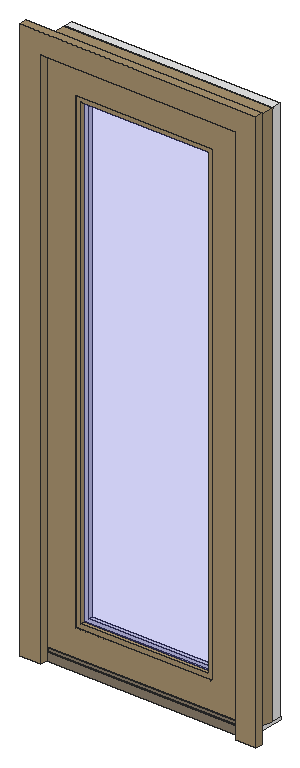
Revit family "Door-Architect-Pella-Clad-In-Swing-Single-R2", category Doors, host Wall, Revit 2013
Parameters (values of type "default load type catalog")
  Warranty = "https://content.pella.com/cs/groups/public/documents/document/mdaw/mde3/~edisp/pel-017828.pdf?_ga=1.89380059.1797906072.1467308852"
  Vertical Mullions = if(and(Traditional Lites Wide < Max Lites, Traditional Lites Wide > 2), Traditional Lites Wide - 1, if(or(Traditional Lites Wide = Max Lites, Traditional Lites Wide > Max Lites), Max Lites - 1, 2))  # 2
  Vertical Grille Offset = Vertical Grille Spacing  # 0' - 6 1/8"
  Vertical Grille Spacing = Panel Grille Width / (Vertical Mullions + 1)  # 0' - 6 1/8"
  URL = "http://professional.pella.com"
  Type Comments = if(Fixed, "One Panel; Fixed", "One Panel; Vent")  # "One Panel; Vent"
  Traditional Lites Wide = 2
  Traditional Lites High = 5
  Traditional Grille Single Vertical = and(Traditional Lites Wide = 2, Traditional Grille)  # no
  Traditional Grille Single Horizontal = and(Traditional Lites High = 2, Traditional Grille)  # no
  Trim = yes
  Traditional Grille Vertical Array = and(Traditional Lites Wide > 2, Traditional Grille)  # no
  Traditional Grille Horizontal Array = and(Traditional Lites High > 2, Traditional Grille)  # no
  Traditional Grille = no
  Thickness = if(Requested Frame Depth < 0' 6", 0' 5 7/8", if(Requested Frame Depth < 0' 7", 0' 6", if(Requested Frame Depth < 0' 8", 0' 7 7/8", 0' 8 5/8")))  # 0' - 5 7/8"
  Specification = "http://media.pella.com/professional/adm/Wood-CSI_Specs/08213.rtf"
  Sill Height = 0' - 5 7/8"  # constant formula
  Rough Width = Width + 0' 0 3/4"  # 2' - 6 3/4"
  Rough Height = Height + 0' 0 3/4"  # 6' - 8 1/4"
  Requested Width = 2' - 6"
  Requested Height = 6' - 7 1/2"
  Requested Frame Depth = 0' - 5 7/8"
  Product Page URL = "http://professional.pella.com/doors/product-details/in-swing-patio-architect"
  Product Name = "Architect Series"  # constant formula
  Product Documentation Link = "http://media.pella.com/professional/adm/Clad-Wood/IS_ASSZTAB.pdf"
  Prairie Offset = 0' - 3 11/16"  # constant formula
  Prairie Grille = no
  Panel Width = Width - 0' 2 1/4"  # 2' - 3 3/4"
  Panel Grille Width = Width - 0' 11 5/8"  # 1' - 6 3/8"
  Operation = if(Fixed, "Fixed", "In-Swing")  # "In-Swing"
  Operable = not(Fixed)  # yes
  Offset = 0' - 0"
  Nail Fin = yes
  Model = if(Fixed, "Contemporary Fixed X", "Contemporary Operable O")  # "Contemporary Operable O"
  Min Width = 2' - 1 3/8"  # constant formula
  Min Height = 6' - 7 1/2"  # constant formula
  Max Width = 3' - 1 7/8"  # constant formula
  Max Lites = 10  # constant formula
  Max Height = 9' - 11 1/2"  # constant formula
  Manufacturer = "Pella"  # constant formula
  Interior Sill = Wood-Pella-Interior_Sill
  Interior Finish = Wood-Pella-Pine
  Inset = 0' - 0"
  Horizontal Mullions = if(and(Traditional Lites High < Max Lites, Traditional Lites High > 3), Traditional Lites High - 1, if(or(Traditional Lites High = Max Lites, Traditional Lites High > Max Lites), Max Lites - 1, 2))  # 4
  Horizontal Grille Spacing = Grille Height / (Horizontal Mullions + 1)  # 1' - 1.4625"
  Horizontal Grille Offset = Horizontal Grille Spacing  # 1' - 1.4625"
  Grille Width = 0' - 0 7/8"  # constant formula
  Grille Height = Height - (Sill Height + 0' 6 5/16")  # 5' - 7 5/16"
  Glass Thickness = 0' - 0 103/128"  # constant formula
  Glass = Glass-Pella-Low_E-Argon
  Function = Exterior
  Frame Projection Ext. = 0' - 1"
  Frame Projection Int. = 0' - 1"
  Frame Width = 0' - 3"
  Height = if(and(Requested Height < Max Height, Requested Height > Min Height), Requested Height, if(or(Requested Height = Max Height, Requested Height > Max Height), Max Height, Min Height))  # 6' - 7 1/2"
  Wall Closure = By host
  Width = if(and(Requested Width < Max Width, Requested Width > Min Width), Requested Width, if(or(Requested Width = Max Width, Requested Width > Max Width), Max Width, Min Width))  # 2' - 6"
  Fixed = no
  Exterior Finish = Aluminum-Pella-EnduraClad-White
  Energy Star = "http://www.pella.com/features-options/energy-efficiency/energy-star/"
  Description = if(Fixed, "Fixed Patio Door", "In-Swing Patio Door")  # "In-Swing Patio Door"
  Assembly Code = "B2030130"
Reference planes (in)
  plane 1 "Center (Front/Back)": y = 0
  plane 2 "Center (Left/Right)": x = 0
  plane 3 "Left": x = -15
  plane 4 "Right": x = 15
  plane 5 "Top": z = 79.5
  plane 6 "Exterior": y = 3
  plane 7 "Interior": y = -3
  plane 8 "Front": y = 2.875
  plane 9 "Back": y = -3
  plane 10 "Glass Front": y = -1.48091
  plane 11 "Glass Back": y = -2.28559
  plane 12 "Glass Right": x = 9.68812
  plane 13 "Glass Left": x = -9.68812
  plane 14 "Glass Top": z = 74.18812
  plane 15 "Glass Bottom": z = 5.875
  plane 16 "Inset": y = -3
  plane 17 "Nail Fin": y = 1.57891
  plane 18 "Grille Bottom": z = 6.374
  plane 19 "Grille Top": z = 73.68762
  plane 20 "Grille Right": x = 9.18762
  plane 21 "Grille Left": x = -9.18762
Forms (in)
  Extrusion 1, solid, material "Wood-Pella-Pine" <- "Interior Finish", visible <- "Trim"
    sketch origin (-90, -3, 0) x (1, 0, 0) y (0, 0, 1)
      loop
        line (76, 0) -> (76, 78.5) -> (104, 78.5) -> (104, 0) -> (107, 0) -> (107, 81.5) -> (73, 81.5) -> (73, 0) -> (76, 0)
    from 0 to 1
  Extrusion 2, solid, material "Aluminum-Pella-EnduraClad-White" <- "Exterior Finish", detail levels medium+fine
    sketch origin (0, 0, 0) x (0, 1, 0) y (0, 0, 1)
      loop
        line (2.875, 0) -> (2.875, 0.3) -> (1.09367, 0.3) -> (-0.95217, 0.74866) -> (-0.95217, 1.30643) -> (-1.02217, 1.30643) -> (-1.02217, 0.76401) -> (-1.404, 0.84774) -> (-1.404, 0) -> (2.875, 0)
    from -15 to 15
  Sweep 3, solid, material "Aluminum-Pella-EnduraClad-White" <- "Exterior Finish", detail levels medium+fine
    path origin (0, 2.875, 0) x (-1, 0, 0) y (0, 0, 1)
      loop
        line (15, 0.3) -> (15, 79.5) -> (-15, 79.5) -> (-15, 0.3)
    profile origin (-15, 2.875, 39.9) x (1, 0, 0) y (0, 1, 0)
      loop
        line (0.197, 0) -> (0.197, -0.377) -> (0.09, -0.377) -> (0.09, -0.05547) -> (0, -0.05547) -> (0, -1.39263) -> (1, -1.39263) -> (1, -3.48051) -> (1.54788, -3.48051) -> (1.54788, -1.34227) -> (0.79016, -1.34227) -> (0.79016, -0.05582) -> (0.56176, -0.05582) -> (0.38618, 0) -> (0.197, 0)
  Extrusion 4, solid, material "Glass-Pella-Low_E-Argon" <- "Glass"
    sketch origin (0, 0, 0) x (1, 0, 0) y (0, 1, 0)
      loop
        line (-9.68812, -2.28559) -> (9.68812, -2.28559) -> (9.68812, -1.48091) -> (-9.68812, -1.48091) -> (-9.68812, -2.28559)
    from 5.875 to 74.18812
  Extrusion 5, solid, material "Aluminum-Pella-EnduraClad-White" <- "Exterior Finish", detail levels coarse
    sketch origin (0, -1.48091, 0) x (-1, 0, 0) y (0, 0, 1)
      loop
        line (-15, 0) -> (15, 0) -> (15, 79.5) -> (-15, 79.5) -> (-15, 0)
      loop
        line (-13.45212, 1.36422) -> (13.45212, 1.36422) -> (13.45212, 77.95212) -> (-13.45212, 77.95212) -> (-13.45212, 1.36422)
    from 0 to 4.35591
  Extrusion 6, solid, material "Aluminum-Pella-EnduraClad-White" <- "Exterior Finish", detail levels coarse
    sketch origin (0, -1.48091, 0) x (-1, 0, 0) y (0, 0, 1)
      loop
        line (-9.18762, 6.374) -> (9.18762, 6.374) -> (9.18762, 73.68762) -> (-9.18762, 73.68762) -> (-9.18762, 6.374)
      loop
        line (-13.45212, 77.95212) -> (-13.45212, 1.36422) -> (13.45212, 1.36422) -> (13.45212, 77.95212) -> (-13.45212, 77.95212)
    from 0 to 0.60441
  Extrusion 7, solid, material "Wood-Pella-Pine" <- "Interior Finish", detail levels coarse
    sketch origin (0, -3, 0) x (1, 0, 0) y (0, 0, 1)
      loop
        line (9.18762, 73.68762) -> (-9.18762, 73.68762) -> (-9.18762, 6.374) -> (9.18762, 6.374) -> (9.18762, 73.68762)
      loop
        line (15, 0) -> (15, 79.5) -> (-15, 79.5) -> (-15, 0) -> (15, 0)
    from -1.51909 to 0
  Extrusion 8, solid, material "Wood-Pella-Interior_Sill" <- "Interior Sill", visible <- "Fixed", detail levels medium+fine
    sketch origin (-9.68812, 0, 0) x (0, -1, 0) y (0, 0, 1)
      loop
        line (1.70525, 1.48777) -> (2.44725, 1.48777) -> (2.44725, 1.8125) -> (1.70525, 1.8125) -> (1.70525, 1.48777)
    from -23.68812 to 4.31188
  Extrusion 9, solid, material "Wood-Pella-Interior_Sill" <- "Interior Sill", detail levels medium+fine
    sketch origin (-9.68812, 0, 0) x (0, -1, 0) y (0, 0, 1)
      loop
        line (1.404, 0) -> (3, 0) -> (3, 1.0955) -> (2.69625, 1.0955) -> (2.69625, 1.48777) -> (1.76928, 1.48777) -> (1.404, 1.12249) -> (1.404, 0)
    from -23.68812 to 4.31188
  Sweep 10, solid, material "Wood-Pella-Pine" <- "Interior Finish", detail levels medium+fine
    path origin (0, -3, 0) x (-1, 0, 0) y (0, 0, 1)
      loop
        line (15, 0) -> (15, 79.5) -> (-15, 79.5) -> (-15, 0)
    profile origin (-15, -3, 39.75) x (1, 0, 0) y (0, 1, 0)
      loop
        line (0, 0) -> (1, 0) -> (1, 4.48237) -> (0, 4.48237) -> (0, 0)
  Sweep 11, solid, material "Wood-Pella-Pine" <- "Interior Finish", detail levels medium+fine
    path origin (0, -3, 0) x (-1, 0, 0) y (0, 0, 1)
      loop
        line (15, 1.8125) -> (15, 79.5) -> (-15, 79.5) -> (-15, 1.8125)
    profile origin (-15, -3, 40.65625) x (1, 0, 0) y (0, 1, 0)
      loop
        line (1.125, 0.059) -> (5.13438, 0.059) -> (5.13438, 0.15897) -> (5.78535, 0.15897) -> (5.81323, 0.69097) -> (5.13438, 0.69097) -> (5.13438, 1.55145) -> (1.125, 1.55145) -> (1.125, 0.059)
  Extrusion 12, solid, material "Wood-Pella-Pine" <- "Interior Finish", detail levels medium+fine
    sketch origin (-9.68812, 0, 0) x (0, -1, 0) y (0, 0, 1)
      loop
        line (2.941, 1.8125) -> (2.941, 5.696) -> (2.839, 5.696) -> (2.839, 6.34697) -> (2.307, 6.37485) -> (2.307, 5.696) -> (1.44855, 5.696) -> (1.44855, 1.8125) -> (2.941, 1.8125)
    from -23.56312 to 4.18688
  Sweep 13, solid, material "Aluminum-Pella-EnduraClad-White" <- "Exterior Finish", detail levels medium+fine
    path origin (0, 2.875, 0) x (-1, 0, 0) y (0, 0, 1)
      loop
        line (15, 1.87575) -> (15, 79.5) -> (-15, 79.5) -> (-15, 1.87575)
    profile origin (-15, 2.875, 40.68788) x (1, 0, 0) y (0, 1, 0)
      loop
        line (1.24988, -4.32355) -> (5.81238, -4.32355) -> (5.81238, -3.75353) -> (1.24988, -3.75353) -> (1.24988, -4.32355)
  Extrusion 14, solid, material "Aluminum-Pella-EnduraClad-White" <- "Exterior Finish", detail levels medium+fine
    sketch origin (-9.68812, 0, 0) x (0, -1, 0) y (0, 0, 1)
      loop
        line (0.8765, 1.8115) -> (1.44667, 1.8115) -> (1.44667, 6.374) -> (0.8765, 6.374) -> (0.8765, 1.8115)
    from -23.37937 to 4.00313
Cuts and joins
  joined: Sweep 11, Extrusion 12
  joined: Sweep 13, Extrusion 14
Lines and regions (in)
  Opening 1
    outline origin (-90, -3, 0) x (1, 0, 0) y (0, 0, 1)
      loop
        line (75, 0) -> (105, 0) -> (105, 79.5) -> (75, 79.5) -> (75, 0)
  Masking region 1, detail levels coarse
    outline origin (0, 0, 0) x (1, 0, 0) y (0, 1, 0)
      loop
        line (-9.18762, -2.28559) -> (9.18762, -2.28559) -> (9.18762, -1.48091) -> (-9.18762, -1.48091) -> (-9.18762, -2.28559)
  Masking region 2, detail levels coarse
    outline origin (0, 0, 0) x (0, 1, 0) y (0, 0, 1)
      loop
        line (-1.48091, 6.41404) -> (-1.48091, 73.68812) -> (-2.28559, 73.68812) -> (-2.28559, 6.41404) -> (-1.48091, 6.41404)
  Masking region 3, detail levels medium+fine
    outline origin (0, 0, 0) x (0, 1, 0) y (0, 0, 1)
      loop
        line (-2.12859, 5.875) -> (-2.12859, 74.18812) -> (-2.28559, 74.18812) -> (-2.28559, 5.875) -> (-2.12859, 5.875)
      loop
        line (-1.48091, 5.875) -> (-1.48091, 74.18812) -> (-1.63791, 74.18812) -> (-1.63791, 5.875) -> (-1.48091, 5.875)
  Masking region 4, detail levels medium+fine
    outline origin (0, 0, 0) x (1, 0, 0) y (0, 1, 0)
      loop
        line (-9.68812, -1.48091) -> (-9.68812, -1.63791) -> (9.68812, -1.63791) -> (9.68812, -1.48091) -> (-9.68812, -1.48091)
      loop
        line (-9.68812, -2.12859) -> (-9.68812, -2.28559) -> (9.68812, -2.28559) -> (9.68812, -2.12859) -> (-9.68812, -2.12859)
  symbolic lines, style "Doors", visible <- "Operable"
    curve 1: line (13.875, -3, 5.875) -> (11.78125, -3, 5.875)
    curve 2: line (13.875, -30.75, 5.875) -> (13.875, -3, 5.875)
    curve 3: line (11.78125, -30.75, 5.875) -> (13.875, -30.75, 5.875)
    curve 4: line (11.78125, -3, 5.875) -> (11.78125, -30.75, 5.875)
  symbolic lines, style "Elevation Swing", visible <- "Operable"
    curve 5: arc (13.875, -30.75, 5.875) -> (-5.76806, -22.62578, 5.875) -> (-13.93394, -3, 5.875) r 27.809
    curve 6: line (15, 2.875, 39.75) -> (-15, 2.875, 79.5)
    curve 7: line (15, 2.875, 39.75) -> (-15, 2.875, 0)
Text (in)
  text "Exterior" at (-74.96733, 27.31104, 0), in view "Ref. Level"
  text "Interior" at (-74.96733, -25.14366, 0), in view "Ref. Level"
  text "Exterior" at (0, 40.15149, 123.01588), in view "Right"
  text "Interior" at (0, -64.39139, 123.01588), in view "Right"
  text "Interior" at (0, -31.01599, 123.00693), in view "Left"
  text "Exterior" at (0, 54.57065, 123.00693), in view "Left"
Dimensions and locks (in)
  equal spacing: plane 3 "Left", plane 2 "Center (Left/Right)", plane 4 "Right"
  "Height": level to plane 5 "Top"
  "Width": plane 3 "Left" to plane 4 "Right"
  "Frame Width": Extrusion 1 sketch curve to Extrusion 1 sketch curve  (x3)
  "Frame Projection Int.": Extrusion 1 to host wall
  "Glass Thickness": plane 11 "Glass Back" to plane 10 "Glass Front"
  locked: plane 11 "Glass Back" to plane 9 "Back" at 0.71441
  plane 3 "Left" to plane 13 "Glass Left" to plane 21 "Grille Left" = 0' - 5.31188" locked, 0' - 0.5005" locked
  locked: plane 18 "Grille Bottom" to plane 15 "Glass Bottom" at 0.499
  plane 19 "Grille Top" to plane 14 "Glass Top" to plane 5 "Top" = 0' - 0.5005" locked, 0' - 5.31188" locked
  level to Sweep 3 sketch curve to Sweep 3 sketch curve = 0' - 0.3" locked, 0' - 0" locked
  "Inset": plane 7 "Interior" to plane 16 "Inset"
  locked: plane 8 "Front" to plane 17 "Nail Fin" at 1.29609
  "Thickness": plane 8 "Front" to plane 9 "Back"
  "Offset": plane 9 "Back" to plane 16 "Inset"
  locked: Extrusion 6 to plane 9 "Back" at 2.1235
  locked: Extrusion 5 sketch curve to plane 5 "Top" at 1.54788
  level to Extrusion 5 sketch curve = 0' - 1.36422"
  locked: Extrusion 5 sketch curve to plane 4 "Right" at 1.54788
  locked: plane 3 "Left" to Extrusion 5 sketch curve at 1.54788
  locked: level to Extrusion 6 sketch curve at 1.36422
  locked: Extrusion 6 sketch curve to plane 5 "Top" at 1.54788
  locked: Extrusion 6 sketch curve to plane 4 "Right" at 1.54788
  locked: plane 3 "Left" to Extrusion 6 sketch curve at 1.54788
  locked: plane 13 "Glass Left" to Masking region 1 sketch curve at 0.5005
  locked: Masking region 1 sketch curve to plane 12 "Glass Right" at 0.5005
  locked: plane 15 "Glass Bottom" to Masking region 2 sketch curve at 0.53904
  locked: plane 14 "Glass Top" to Masking region 2 sketch curve at 0.5
  locked: Masking region 3 sketch curve to plane 11 "Glass Back" at 0.157
  locked: plane 10 "Glass Front" to Masking region 3 sketch curve at 0.157
  locked: plane 11 "Glass Back" to Masking region 4 sketch curve at 0.157
  locked: plane 10 "Glass Front" to Masking region 4 sketch curve at 0.157
  "Prairie Offset": plane 18 "Grille Bottom" to nested 5
  "Prairie Offset": nested 6 to plane 19 "Grille Top"
  "Prairie Offset": nested 7 to plane 21 "Grille Left"
  "Prairie Offset": nested 8 to plane 20 "Grille Right"
  equal spacing: plane 15 "Glass Bottom", nested 9, plane 14 "Glass Top"
  "Horizontal Grille Offset": plane 15 "Glass Bottom" to nested 11
  equal spacing: group 1, group 2, group 5, group 6  (x3)
  "Horizontal Grille Spacing": nested 11 to nested 12
  locked: plane 20 "Grille Right" to nested 12 at 0
  "Vertical Grille Offset": plane 21 "Grille Left" to nested 13
  group 3 to group 4 = 0' - 6 1/8"
  group 3 to group 4 = 0' - 0"
  group 4 to group 3 = 0' - 0"
  locked: nested 14 to plane 10 "Glass Front" at 0
  "Vertical Grille Spacing": nested 13 to nested 14
  Extrusion 2 sketch curve to Extrusion 2 sketch curve to Extrusion 2 sketch curve to Extrusion 2 sketch curve to plane 9 "Back" = 0' - 2.04583" locked, 0' - 0.07" locked, 0' - 0.38183" locked, 0' - 1.596" locked
  Extrusion 2 sketch curve to Extrusion 2 sketch curve to Extrusion 2 sketch curve to Extrusion 2 sketch curve to Extrusion 2 sketch curve to level = 0' - 0.45869" locked, 0' - 0.08374" locked, 0' - 0.01535" locked, 0' - 0.44865" locked, 0' - 0.3" locked
  Extrusion 8 sketch curve to Extrusion 8 sketch curve to level = 0' - 0.32473" locked, 0' - 1.48777" locked
  Extrusion 8 sketch curve to Extrusion 8 sketch curve to plane 9 "Back" = 0' - 0.742" locked, 0' - 0.55275" locked
  plane 20 "Grille Right" to plane 12 "Glass Right" to plane 4 "Right" = 0' - 0.5005" locked, 0' - 5.31188" locked
  locked: plane 10 "Glass Front" to nested 10 at 0
  Extrusion 9 sketch curve to Extrusion 9 sketch curve to Extrusion 9 sketch curve to plane 9 "Back" = 0' - 0.36528" locked, 0' - 0.92698" locked, 0' - 0.30375" locked
  Extrusion 9 sketch curve to Extrusion 9 sketch curve to Extrusion 9 sketch curve to level = 0' - 0.36528" locked, 0' - 0.02699" locked, 0' - 1.0955" locked
  locked: plane 3 "Left" to Sweep 10 sketch curve at 1
  locked: plane 8 "Front" to Sweep 10 sketch curve at 1.39263
  Extrusion 12 sketch curve to Extrusion 12 sketch curve to Extrusion 12 sketch curve to Extrusion 12 sketch curve to plane 9 "Back" = 0' - 0.85845", 0' - 0.532", 0' - 0.102", 0' - 0.059"
  Extrusion 12 sketch curve to level = 0' - 1 13/16"
  plane 3 "Left" to Extrusion 12 to Extrusion 14 = 0' - 1 1/8" locked, 0' - 0.18375" locked
  plane 4 "Right" to Extrusion 12 to Extrusion 14 = 0' - 1 1/8" locked, 0' - 0.18375" locked
  level to Sweep 11 sketch curve to Sweep 11 sketch curve = 0' - 1 13/16" locked, 0' - 0" locked
  "Sill Height": plane 15 "Glass Bottom" to level
  level to Sweep 13 sketch curve to Sweep 13 sketch curve = 0' - 1.87575" locked, 0' - 0" locked
  plane 3 "Left" to Sweep 13 sketch curve to Sweep 13 sketch curve = 0' - 1.24988" locked, 0' - 4 9/16" locked
  Sweep 13 sketch curve to Sweep 13 sketch curve to plane 9 "Back" = 0' - 0.57002" locked, 0' - 1.55145" locked
  locked: Extrusion 14 sketch curve to level at 1.8115
  plane 3 "Left" to Sweep 3 sketch curve to Sweep 3 sketch curve to Sweep 3 sketch curve to Sweep 3 sketch curve to Sweep 3 sketch curve to Sweep 3 sketch curve = 0' - 0.09" locked, 0' - 0.107" locked, 0' - 0.36476" locked, 0' - 0.22839" locked, 0' - 0.20984" locked, 0' - 0.54788" locked
  plane 8 "Front" to Sweep 3 sketch curve to Sweep 3 sketch curve to Sweep 3 sketch curve to Sweep 3 sketch curve to Sweep 3 sketch curve = 0' - 0.05547" locked, 0' - 0.00035" locked, 0' - 0.32118" locked, 0' - 0.96527" locked, 0' - 0.05035" locked
  curve 4 to curve 2 to plane 4 "Right" = 0' - 2 3/32" locked, 0' - 1 1/8" locked
  "Panel Width": curve 3 to plane 9 "Back"
  level to plane 5 "Top" = 6' - 7 1/2"
  locked: Sweep 3 sketch curve to plane 9 "Back" at 2.39449
  locked: nested 4 to plane 9 "Back" at 0
  plane 3 "Left" to Extrusion 9 to Extrusion 8 = 0' - 1" locked, 0' - 0" locked
  plane 4 "Right" to Extrusion 9 to Extrusion 8 = 0' - 1" locked, 0' - 0" locked
  equal spacing: level, curve 7, plane 5 "Top"
  locked: Extrusion 14 sketch curve to plane 15 "Glass Bottom" at 0.499
  Extrusion 14 sketch curve to Extrusion 14 sketch curve to plane 9 "Back" = 0' - 0.57017" locked, 0' - 1.55333" locked
  plane 3 "Left" to Sweep 11 sketch curve to Sweep 11 sketch curve to Sweep 11 sketch curve to Sweep 11 sketch curve to Sweep 11 sketch curve = 0' - 1 1/8" locked, 0' - 4.00938" locked, 0' - 0" locked, 0' - 0.65097" locked, 0' - 0.02788" locked
  Sweep 11 sketch curve to Sweep 11 sketch curve to Sweep 11 sketch curve to Sweep 11 sketch curve to plane 9 "Back" = 0' - 0.86048" locked, 0' - 0.532" locked, 0' - 0.09997" locked, 0' - 0.059" locked
  Extrusion 12 sketch curve to Extrusion 12 sketch curve to plane 15 "Glass Bottom" to Extrusion 12 sketch curve to Extrusion 12 sketch curve = 0' - 0.02788" locked, 0' - 0.47197" locked, 0' - 0.179" locked, 0' - 0" locked
  locked: nested 14 to plane 18 "Grille Bottom" at 0
  locked: plane 18 "Grille Bottom" to nested 13 at 0
  locked: Extrusion 1 sketch curve to plane 4 "Right" at 1
  locked: plane 3 "Left" to Extrusion 1 sketch curve at 1
  locked: Extrusion 1 sketch curve to plane 5 "Top" at 1
  aligned and locked: plane 3 "Left" to Opening 1 sketch curve
  aligned and locked: plane 5 "Top" to Opening 1 sketch curve  (x2)
  aligned and locked: Opening 1 sketch curve to plane 4 "Right"
  aligned and locked: Opening 1 sketch curve to level
  aligned and locked: level to Extrusion 1 sketch curve
  aligned and locked: Extrusion 1 sketch curve to level
  aligned and locked: Extrusion 1 to host wall
  aligned and locked: plane 6 "Exterior" to host wall
  aligned and locked: plane 7 "Interior" to host wall
  aligned and locked: plane 3 "Left" to nested 1
  aligned and locked: plane 9 "Back" to nested 1
  aligned and locked: plane 4 "Right" to nested 2
  aligned and locked: nested 2 to plane 9 "Back"
  aligned and locked: level to nested 3
  aligned and locked: nested 3 to plane 9 "Back"
  aligned and locked: Extrusion 2 sketch curve to level
  aligned and locked: plane 8 "Front" to Extrusion 2 sketch curve
  aligned and locked: Sweep 3 sketch curve to plane 5 "Top"
  aligned and locked: plane 3 "Left" to Sweep 3 sketch curve
  aligned and locked: Sweep 3 sketch curve to plane 4 "Right"
  aligned and locked: Sweep 3 sketch curve to plane 8 "Front"
  aligned and locked: Sweep 3 sketch curve to plane 3 "Left"
  aligned and locked: Extrusion 2 to plane 4 "Right"
  aligned and locked: plane 3 "Left" to Extrusion 2
  aligned and locked: plane 10 "Glass Front" to Extrusion 4 sketch curve
  aligned and locked: Extrusion 4 sketch curve to plane 12 "Glass Right"
  aligned and locked: plane 11 "Glass Back" to Extrusion 4 sketch curve
  aligned and locked: plane 13 "Glass Left" to Extrusion 4 sketch curve
  aligned and locked: Extrusion 4 to plane 15 "Glass Bottom"
  aligned and locked: plane 14 "Glass Top" to Extrusion 4
  aligned and locked: Extrusion 5 sketch curve to plane 5 "Top"
  aligned and locked: Extrusion 5 sketch curve to level
  aligned and locked: Extrusion 5 sketch curve to plane 4 "Right"
  aligned and locked: plane 3 "Left" to Extrusion 5 sketch curve
  aligned and locked: Extrusion 5 to plane 10 "Glass Front"
  aligned and locked: plane 8 "Front" to Extrusion 5
  aligned and locked: plane 10 "Glass Front" to Masking region 1 sketch curve
  aligned and locked: plane 11 "Glass Back" to Masking region 1 sketch curve
  aligned and locked: Masking region 2 sketch curve to plane 11 "Glass Back"
  aligned and locked: Masking region 2 sketch curve to plane 10 "Glass Front"
  aligned and locked: Masking region 3 sketch curve to plane 11 "Glass Back"
  aligned and locked: Masking region 3 sketch curve to plane 14 "Glass Top"  (x2)
  aligned and locked: plane 15 "Glass Bottom" to Masking region 3 sketch curve  (x2)
  aligned and locked: Masking region 3 sketch curve to plane 10 "Glass Front"
  aligned and locked: Masking region 4 sketch curve to plane 10 "Glass Front"
  aligned and locked: plane 12 "Glass Right" to Masking region 4 sketch curve  (x2)
  aligned and locked: Masking region 4 sketch curve to plane 13 "Glass Left"  (x2)
  aligned and locked: Masking region 4 sketch curve to plane 11 "Glass Back"
  aligned and locked: plane 10 "Glass Front" to nested 7
  aligned and locked: nested 8 to plane 10 "Glass Front"
  aligned and locked: plane 2 "Center (Left/Right)" to nested 10
  aligned and locked: plane 20 "Grille Right" to nested 5
  aligned and locked: plane 20 "Grille Right" to nested 6
  aligned and locked: plane 20 "Grille Right" to nested 9
  aligned and locked: plane 20 "Grille Right" to nested 11
  aligned and locked: plane 10 "Glass Front" to nested 13
  aligned and locked: plane 5 "Top" to Extrusion 7 sketch curve
  aligned and locked: Extrusion 7 sketch curve to plane 3 "Left"
  aligned and locked: level to Extrusion 7 sketch curve
  aligned and locked: plane 4 "Right" to Extrusion 7 sketch curve
  aligned and locked: plane 10 "Glass Front" to Extrusion 7
  aligned and locked: Extrusion 7 to plane 9 "Back"
  aligned and locked: level to Extrusion 9 sketch curve
  aligned and locked: plane 9 "Back" to Extrusion 9 sketch curve
  aligned and locked: plane 5 "Top" to Sweep 10 sketch curve
  aligned and locked: Sweep 10 sketch curve to plane 3 "Left"
  aligned and locked: plane 4 "Right" to Sweep 10 sketch curve
  aligned and locked: level to Sweep 10 sketch curve  (x2)
  aligned and locked: Sweep 10 sketch curve to plane 9 "Back"
  aligned and locked: plane 3 "Left" to Sweep 10 sketch curve
  aligned and locked: Sweep 11 sketch curve to plane 5 "Top"
  aligned and locked: Sweep 11 sketch curve to plane 4 "Right"
  aligned and locked: plane 3 "Left" to Sweep 11 sketch curve
  aligned and locked: plane 19 "Grille Top" to Extrusion 7 sketch curve
  aligned and locked: Extrusion 7 sketch curve to plane 18 "Grille Bottom"
  aligned and locked: Extrusion 7 sketch curve to plane 21 "Grille Left"
  aligned and locked: Sweep 13 sketch curve to plane 4 "Right"
  aligned and locked: plane 3 "Left" to Sweep 13 sketch curve
  aligned and locked: Sweep 13 sketch curve to plane 5 "Top"
  aligned and locked: plane 19 "Grille Top" to Extrusion 6 sketch curve
  aligned and locked: plane 20 "Grille Right" to Extrusion 6 sketch curve
  aligned and locked: Extrusion 6 sketch curve to plane 18 "Grille Bottom"
  aligned and locked: Extrusion 6 sketch curve to plane 21 "Grille Left"
  aligned and locked: plane 9 "Back" to curve 1
  aligned and locked: plane 9 "Back" to curve 5
  aligned and locked: nested 4 to plane 5 "Top"
  aligned and locked: plane 4 "Right" to curve 6
  aligned and locked: plane 5 "Top" to curve 6
  aligned and locked: plane 3 "Left" to curve 6
  aligned and locked: level to curve 7
  aligned and locked: plane 3 "Left" to curve 7
  aligned and locked: Extrusion 6 to plane 10 "Glass Front"
  aligned and locked: plane 20 "Grille Right" to Extrusion 7 sketch curve
Automatic sketch dimensions
  Sweep 3 sketch curve to profile plane = 0' - 0.38618"
  Masking region 2 sketch curve to plane 11 "Glass Back" = 0' - 0"
  curve 5 to host wall = 0' - 0.059"
  Extrusion 1 sketch curve to level = 0' - 0"
Nested families (in)
  nested 1: "Nested-Pella-Architect-Jamb" at (-15, 2.09827, 0) x (0, -1, 0) z (0, 0, 1), type "Jamb"
    with Thickness 0' - 5 7/8"
  nested 2: "Nested-Pella-Architect-Jamb" at (15, 2.09827, 0) x (0, -1, 0) z (0, 0, 1), type "Jamb"
    with Thickness 0' - 5 7/8"
  nested 3: "Nested-Pella-Architect-Sill" at (0, 2.11763, 0) x (0, -1, 0) z (1, 0, 0), type "Sill"
    with Thickness 0' - 5 7/8", Glass Offset 0' - 5 7/8", Fixed no
  nested 4: "Nested-Pella-Architect-Head" at (0, 2.09827, 79.5) x (0, -1, 0) z (1, 0, 0), type "Head"
    with Thickness 0' - 5 7/8"
  nested 5: "Nested-Mullion-Pella" at (0.00012, -1.88325, 9.624), visible <- "Prairie Grille", type "Horizontal Mullion"
    with Width 1' - 6 3/8", Glass Thickness 0' - 0 103/128", Depth 0' - 1 71/128"
  nested 6: "Nested-Mullion-Pella" at (0.00012, -1.88325, 69.56262), visible <- "Prairie Grille", type "Horizontal Mullion"
    with Width 1' - 6 3/8", Glass Thickness 0' - 0 103/128", Depth 0' - 1 71/128"
  nested 7: "Nested-Mullion-Pella" at (-5.50012, -1.88325, 6.374), visible <- "Prairie Grille", type "Vertical Mullion"
    with Height 5' - 7 5/16", Glass Thickness 0' - 0 103/128", Depth 0' - 1 71/128"
  nested 8: "Nested-Mullion-Pella" at (5.50012, -1.88325, 6.374) x (-1, 0, 0) z (0, 0, 1), visible <- "Prairie Grille", type "Vertical Mullion"
    with Height 5' - 7 5/16", Glass Thickness 0' - 0 103/128", Depth 0' - 1 71/128"
  nested 9: "Nested-Mullion-Pella" at (0.00012, -1.88325, 39.59406), visible <- "Traditional Grille Single Horizontal", type "Horizontal Mullion"
    with Width 1' - 6 3/8", Glass Thickness 0' - 0 103/128", Depth 0' - 1 71/128"
  nested 10: "Nested-Mullion-Pella" at (0, -1.88325, 6.374) x (-1, 0, 0) z (0, 0, 1), visible <- "Traditional Grille Single Vertical", type "Vertical Mullion"
    with Height 5' - 7 5/16", Glass Thickness 0' - 0 103/128", Depth 0' - 1 71/128"
  nested 11: "Nested-Mullion-Pella" at (0.00012, -1.88325, 18.9), visible <- "Traditional Grille Horizontal Array", type "Horizontal Mullion"
    with Width 1' - 6 3/8", Glass Thickness 0' - 0 103/128", Depth 0' - 1 71/128"
  nested 12: "Nested-Mullion-Pella" at (0.00012, -1.88325, 32.3625), visible <- "Traditional Grille Horizontal Array", type "Horizontal Mullion"
    with Width 1' - 6 3/8", Glass Thickness 0' - 0 103/128", Depth 0' - 1 71/128"
  nested 13: "Nested-Mullion-Pella" at (-3.06262, -1.88325, 6.374), visible <- "Traditional Grille Vertical Array", type "Vertical Mullion"
    with Height 5' - 7 5/16", Glass Thickness 0' - 0 103/128", Depth 0' - 1 71/128"
  nested 14: "Nested-Mullion-Pella" at (3.06238, -1.88325, 6.374), visible <- "Traditional Grille Vertical Array", type "Vertical Mullion"
    with Height 5' - 7 5/16", Glass Thickness 0' - 0 103/128", Depth 0' - 1 71/128"
  nested 15: "Nested-Mullion-Pella" at (0.00012, -1.88325, 45.825), visible <- "Traditional Grille Horizontal Array", type "Horizontal Mullion"
    with Width 1' - 6 3/8", Glass Thickness 0' - 0 103/128", Depth 0' - 1 71/128"
  nested 16: "Nested-Mullion-Pella" at (0.00012, -1.88325, 59.2875), visible <- "Traditional Grille Horizontal Array", type "Horizontal Mullion"
    with Width 1' - 6 3/8", Glass Thickness 0' - 0 103/128", Depth 0' - 1 71/128"
Definition of nested family "Nested-Mullion-Pella"
  Parameters (values of type "Horizontal Mullion")
    Width = 2' - 2 153/256"
    Vertical = no
    URL = "http://www.pella.com/"
    Type Comments = "Mullion"  # constant formula
    Model = "Mullion for Pella Models"  # constant formula
    Manufacturer = "Pella"  # constant formula
    Interior Finish = Wood-Pella-Pine
    Horizontal = yes
    Height = 0' - 0 7/8"
    Glass Thickness = 0' - 0 3/4"
    Finish = Aluminum-Pella-EnduraClad-White
    Description = "For use with Pella Models"  # constant formula
    Depth = Glass Thickness + 0' 0 3/4"  # 0' - 1 1/2"
    Default Elevation = 4' - 0"
  Types (2): name | Width | Vertical | Horizontal | Height
    Horizontal Mullion | 2' - 2 153/256" | no | yes | 0' - 0 7/8"
    Vertical Mullion | 0' - 0 7/8" | yes | no | 5' - 9 3/4"
  Reference planes (in)
    plane 1 "Center (Front/Back)": y = 0
    plane 2 "Bottom": z = 0
    plane 3 "Center (Left/Right)": x = 0
    plane 4 "Left": x = -13.29883
    plane 5 "Right": x = 13.29883
    plane 6 "Front": y = -0.75
    plane 7 "Back": y = 0.75
    plane 8 "Top": z = 0.875
    plane 9 "Glass Back": y = 0.375
    plane 10 "Glass Front": y = -0.375
    plane 11 "Center (Elevation)": z = 0.4375
  Forms (in)
    Extrusion 1, solid, material "Aluminum-Pella-EnduraClad-White" <- "Finish", detail levels medium+fine
      sketch origin (0, 0, 0) x (1, 0, 0) y (0, 1, 0)
        loop
          line (-13.29883, 0.75) -> (-13.29883, 0.375) -> (13.29883, 0.375) -> (13.29883, 0.75) -> (-13.29883, 0.75)
      from 0 to 0.875
    Extrusion 2, solid, material "Wood-Pella-Pine" <- "Interior Finish", detail levels medium+fine
      sketch origin (0, 0, 0) x (1, 0, 0) y (0, 1, 0)
        loop
          line (-13.29883, -0.375) -> (-13.29883, -0.75) -> (13.29883, -0.75) -> (13.29883, -0.375) -> (-13.29883, -0.375)
      from 0 to 0.875
    Extrusion 3, solid, detail levels medium+fine
      sketch origin (0, 0, 0) x (1, 0, 0) y (0, 1, 0)
        loop
          line (-13.11133, -0.25) -> (13.11133, -0.25) -> (13.11133, 0.25) -> (-13.11133, 0.25) -> (-13.11133, -0.25)
      from 0 to 0.875
  Lines and regions (in)
    model lines, visible <- "Vertical", detail levels coarse
      curve 1: line (0, -0.375, 0) -> (0, -0.375, 0.875)
      curve 2: line (0, 0.375, 0) -> (0, 0.375, 0.875)
    model lines, visible <- "Horizontal", detail levels coarse
      curve 3: line (-13.29883, 0.375, 0.4375) -> (13.29883, 0.375, 0.4375)
      curve 4: line (-13.29883, -0.375, 0.4375) -> (13.29883, -0.375, 0.4375)
  Dimensions and locks (in)
    equal spacing: plane 4 "Left", plane 3 "Center (Left/Right)", plane 5 "Right"
    "Width": plane 4 "Left" to plane 5 "Right"
    "Height": plane 8 "Top" to level
    equal spacing: plane 10 "Glass Front", plane 1 "Center (Front/Back)", plane 9 "Glass Back"
    "Glass Thickness": plane 10 "Glass Front" to plane 9 "Glass Back"
    equal spacing: plane 7 "Back", plane 1 "Center (Front/Back)", plane 6 "Front"
    "Depth": plane 7 "Back" to plane 6 "Front"
    equal spacing: plane 8 "Top", plane 11 "Center (Elevation)", level
    locked: plane 10 "Glass Front" to Extrusion 3 sketch curve at 0.125
    locked: plane 9 "Glass Back" to Extrusion 3 sketch curve at 0.125
    locked: plane 4 "Left" to Extrusion 3 sketch curve at 0.1875
    locked: Extrusion 3 sketch curve to plane 5 "Right" at 0.1875
    aligned and locked: plane 2 "Bottom" to level
    aligned and locked: plane 3 "Center (Left/Right)" to curve 1
    aligned and locked: plane 8 "Top" to curve 1
    aligned and locked: level to curve 1
    aligned and locked: curve 2 to plane 3 "Center (Left/Right)"
    aligned and locked: plane 8 "Top" to curve 2
    aligned and locked: level to curve 2
    aligned and locked: plane 5 "Right" to curve 3
    aligned and locked: plane 4 "Left" to curve 3
    aligned and locked: plane 11 "Center (Elevation)" to curve 3
    aligned and locked: curve 4 to plane 11 "Center (Elevation)"
    aligned and locked: plane 5 "Right" to curve 4
    aligned and locked: plane 4 "Left" to curve 4
    aligned and locked: plane 9 "Glass Back" to Extrusion 1 sketch curve
    aligned and locked: Extrusion 1 sketch curve to plane 7 "Back"
    aligned and locked: Extrusion 1 sketch curve to plane 4 "Left"
    aligned and locked: Extrusion 1 sketch curve to plane 5 "Right"
    aligned and locked: plane 6 "Front" to Extrusion 2 sketch curve
    aligned and locked: plane 10 "Glass Front" to Extrusion 2 sketch curve
    aligned and locked: Extrusion 2 sketch curve to plane 4 "Left"
    aligned and locked: Extrusion 2 sketch curve to plane 5 "Right"
    aligned and locked: plane 8 "Top" to Extrusion 2
    aligned and locked: Extrusion 2 to level
    aligned and locked: plane 8 "Top" to Extrusion 1
    aligned and locked: Extrusion 1 to level
    aligned and locked: Extrusion 3 to level
    aligned and locked: plane 8 "Top" to Extrusion 3
Definition of nested family "Nested-Pella-Architect-Jamb"
  Parameters (values of type "Jamb")
    Type Comments = "For use with Pella Architect Models"  # constant formula
    Thickness = 0' - 5 55/64"
    Nail Fin = yes
    Assembly Code = "B2030100"
  Reference planes (in)
    plane 1 "Center (Front/Back)": y = 0
    plane 2: z = 0
    plane 3 "Center (Left/Right)": x = 0.51936
    plane 4 "Front": x = -0.77673
    plane 5 "Back": x = 5.08264
    plane 6 "Glass": y = 5.31188
  Lines and regions (in)
    Masking region 1, in view "Ref. Level", detail levels medium+fine
      outline origin (0, 0, 0) x (1, 0, 0) y (0, 1, 0)
        loop
          line (0.22016, 0.07969) -> (-0.33874, 0.07969) -> (-0.33874, 0.242) -> (-0.73173, 0.242) -> (-0.73173, 0.37123) -> (-0.674, 0.55281) -> (-0.674, 0.74328) -> (0.61306, 0.74328) -> (0.61306, 1.50319) -> (0.94651, 1.50319) -> (0.94651, 1.54313) -> (0.57192, 1.54313) -> (0.57192, 0.79016) -> (-0.72088, 0.79016) -> (-0.72088, 0.56008) -> (-0.77673, 0.3844) -> (-0.77673, 0.197) -> (-0.38374, 0.197) -> (-0.38374, 0.09) -> (-0.69447, 0.09)
          arc (-0.69447, 0.09) -> (-0.73947, 0.045) -> (-0.69447, 0) r 0.045
          line (-0.69447, 0) -> (-0.57348, 0) -> (-0.54848, 0.025) -> (0.26704, 0.025) -> (0.26704, 0.21481) -> (0.38312, 0.21481) -> (0.38312, 0.025) -> (0.55155, 0.025) -> (0.55155, 0.07028) -> (0.43, 0.07028) -> (0.43, 0.26169) -> (0.22016, 0.26169) -> (0.22016, 0.07969)
        loop
          line (3.01618, 1.30488) -> (3.01618, 1.40888) -> (3.20861, 1.40888) -> (3.20861, 1.46388) -> (3.01618, 1.46388) -> (3.01618, 1.59188) -> (3.17968, 1.59188) -> (3.17968, 1.64688) -> (3.01618, 1.64688) -> (3.01618, 1.98838) -> (3.17478, 1.98838) -> (3.17478, 2.04338) -> (3.01618, 2.04338) -> (3.01618, 3.01788) -> (3.17478, 3.01788) -> (3.17478, 3.07288) -> (3.01618, 3.07288) -> (3.01618, 4.78488) -> (3.17478, 4.78488) -> (3.17478, 4.83988) -> (3.01618, 4.83988) -> (3.01618, 5.75738) -> (3.39626, 5.75738) -> (3.39626, 5.434) -> (3.44064, 5.434) -> (3.44064, 5.60238) -> (3.5312, 5.60238) -> (3.5312, 5.65738) -> (3.44064, 5.65738) -> (3.44064, 5.75738) -> (3.5312, 5.75738) -> (3.5312, 5.81238) -> (2.96118, 5.81238) -> (2.96118, 1.24988) -> (3.20861, 1.24988) -> (3.20861, 1.30488) -> (3.01618, 1.30488)
    Filled region 1, type "Wood - Pella", in view "Ref. Level", detail levels medium+fine
      outline origin (0, 0, 0) x (1, 0, 0) y (0, 1, 0)
        loop
          line (5.08264, 0) -> (5.08264, 1) -> (2.55273, 1) -> (2.55273, 1.10949) -> (2.64816, 1.10949) -> (2.64816, 1.438) -> (0.96009, 1.438) -> (0.96009, 0.938) -> (0.61882, 0.938) -> (0.61882, 0.66726) -> (0.42927, 0.66726) -> (0.42927, 0.73423) -> (0.36478, 0.73423) -> (0.07289, 0.45988) -> (-0.00633, 0.45988) -> (-0.00633, 0.138) -> (0.21383, 0.138) -> (0.21383, 0.26851) -> (0.43945, 0.26851) -> (0.43945, 0.07) -> (2.23448, 0.07) -> (2.30448, 0) -> (5.08264, 0)
        loop
          line (3.17968, 1.61032) -> (3.33674, 1.61032) -> (3.33674, 1.81138)
          arc (3.33674, 1.81138) -> (3.39435, 1.86899) -> (3.45196, 1.81138) r 0.05761
          line (3.45196, 1.81138) -> (3.45196, 1.19193) -> (3.78358, 1.19193) -> (3.78358, 1.35314) -> (3.86819, 1.35314) -> (3.86819, 1.73) -> (4.3391, 1.73) -> (4.3391, 1.35314) -> (4.42371, 1.35314) -> (4.42371, 1.125) -> (5.02364, 1.125) -> (5.02364, 5.13438) -> (4.92368, 5.13438) -> (4.92368, 5.78535) -> (4.39168, 5.81323) -> (4.39168, 5.13438) -> (3.70203, 5.13438)
          arc (3.70203, 5.13438) -> (3.53153, 5.20154) -> (3.45264, 5.36694) r 0.25
          line (3.45264, 5.36694) -> (3.45264, 5.40813) -> (3.36892, 5.40813) -> (3.36892, 5.56173) -> (3.17968, 5.56173) -> (3.17968, 1.61032)
    Masking region 2, in view "Ref. Level", detail levels coarse
      outline origin (0, 0, 0) x (1, 0, 0) y (0, 1, 0)
        loop
          line (-0.77673, 0) -> (5.08264, 0) -> (5.08264, 5.81238) -> (2.96118, 5.81238) -> (2.96118, 1.54313) -> (-0.77673, 1.54313) -> (-0.77673, 0)
    Masking region 3, in view "Ref. Level", visible <- "Nail Fin", detail levels fine
      outline origin (0, 0, 0) x (1, 0, 0) y (0, 1, 0)
        loop
          line (0.27279, 0.20734) -> (0.27279, 0) -> (0.48811, 0) -> (0.48811, -1.21526) -> (0.51936, -1.21526) -> (0.51936, 0.03125) -> (0.30404, 0.03125) -> (0.30404, 0.17609) -> (0.34797, 0.17609) -> (0.34797, 0.09143) -> (0.37922, 0.09143) -> (0.37922, 0.20734) -> (0.27279, 0.20734)
    Masking region 4, in view "Ref. Level", detail levels medium+fine
      outline origin (0, 0, 0) x (1, 0, 0) y (0, 1, 0)
        loop
          line (0.64732, 1.50319) -> (0.64732, 1.46319) -> (2.64816, 1.46319) -> (2.64816, 1.05819) -> (2.56309, 1.05819) -> (2.56309, 1.01819) -> (2.68816, 1.01819) -> (2.68816, 1.50319) -> (0.64732, 1.50319)
        loop
          line (3.78868, 1.21988) -> (4.41861, 1.21988) -> (4.41861, 1.35392) -> (4.33768, 1.35392) -> (4.33768, 1.40788) -> (3.87468, 1.40788) -> (3.87468, 1.35392) -> (3.78868, 1.35392) -> (3.78868, 1.21988)
    detail lines, in view "Ref. Level", detail levels fine
      curve 1: line (4.39168, 5.13438, 0) -> (4.92368, 5.13438, 0)
  Dimensions and locks (in)
    plane 1 "Center (Front/Back)" to Masking region 1 sketch curve to Masking region 1 sketch curve to Masking region 1 sketch curve to Masking region 1 sketch curve to Masking region 1 sketch curve to Masking region 1 sketch curve to Masking region 1 sketch curve to Masking region 1 sketch curve to Masking region 1 sketch curve to Masking region 1 sketch curve to Masking region 1 sketch curve to Masking region 1 sketch curve to Masking region 1 sketch curve to Masking region 1 sketch curve to Masking region 1 sketch curve to Masking region 1 sketch curve to Masking region 1 sketch curve = 0' - 0.025" locked, 0' - 0" locked, 0' - 0.04528" locked, 0' - 0.0094" locked, 0' - 0.01031" locked, 0' - 0.107" locked, 0' - 0.01781" locked, 0' - 0.02719" locked, 0' - 0.01969" locked, 0' - 0.10954" locked, 0' - 0.01317" locked, 0' - 0.16841" locked, 0' - 0.00727" locked, 0' - 0.1832" locked, 0' - 0 3/64" locked, 0' - 0.71303" locked, 0' - 0.03994" locked
    plane 4 "Front" to Masking region 1 sketch curve to Masking region 1 sketch curve to Masking region 1 sketch curve to Masking region 1 sketch curve to Masking region 1 sketch curve to Masking region 1 sketch curve to Masking region 1 sketch curve to Masking region 1 sketch curve to Masking region 1 sketch curve to Masking region 1 sketch curve to Masking region 1 sketch curve to Masking region 1 sketch curve to Masking region 1 sketch curve to Masking region 1 sketch curve to Masking region 1 sketch curve to Masking region 1 sketch curve to Masking region 1 sketch curve = 0' - 0" locked, 0' - 0.045" locked, 0' - 0.01085" locked, 0' - 0.02641" locked, 0' - 0.02046" locked, 0' - 0.10052" locked, 0' - 0.025" locked, 0' - 0.16475" locked, 0' - 0.045" locked, 0' - 0.5589" locked, 0' - 0 3/64" locked, 0' - 0.11608" locked, 0' - 0 3/64" locked, 0' - 0.12155" locked, 0' - 0.02037" locked, 0' - 0.04114" locked, 0' - 0.33346" locked
    Masking region 3 sketch curve to plane 1 "Center (Front/Back)" to Masking region 3 sketch curve to Masking region 3 sketch curve to Masking region 3 sketch curve to Masking region 3 sketch curve = 0' - 1.21526" locked, 0' - 0 1/32" locked, 0' - 0.06018" locked, 0' - 0.08466" locked, 0' - 0 1/32" locked
    Masking region 3 sketch curve to Masking region 3 sketch curve to Masking region 3 sketch curve to Masking region 3 sketch curve to Masking region 3 sketch curve to Masking region 3 sketch curve to plane 3 "Center (Left/Right)" = 0' - 0 1/32" locked, 0' - 0.04392" locked, 0' - 0 1/32" locked, 0' - 0.10889" locked, 0' - 0 1/32" locked, 0' - 0" locked
    locked: plane 1 "Center (Front/Back)" to plane 6 "Glass" at 5.31188
    locked: Masking region 2 sketch curve to plane 5 "Back" at 2.12147
    Masking region 2 sketch curve to Masking region 2 sketch curve to plane 1 "Center (Front/Back)" = 0' - 4.26926" locked, 0' - 1.54313" locked
    locked: plane 4 "Front" to plane 3 "Center (Left/Right)" at 1.29609
    plane 1 "Center (Front/Back)" to Masking region 4 sketch curve to Masking region 4 sketch curve to Masking region 4 sketch curve to Masking region 4 sketch curve to Masking region 4 sketch curve to Masking region 4 sketch curve to Masking region 4 sketch curve to Masking region 4 sketch curve = 0' - 1.01819" locked, 0' - 0.04" locked, 0' - 0.16169" locked, 0' - 0.13404" locked, 0' - 0" locked, 0' - 0.05396" locked, 0' - 0.05531" locked, 0' - 0.04" locked
    Masking region 4 sketch curve to Masking region 4 sketch curve to Masking region 4 sketch curve to Masking region 4 sketch curve to Masking region 4 sketch curve to Masking region 4 sketch curve to Masking region 4 sketch curve to plane 5 "Back" = 0' - 0.08507" locked, 0' - 0.04" locked, 0' - 1.10052" locked, 0' - 0.086" locked, 0' - 0.463" locked, 0' - 0.08093" locked, 0' - 0.66404" locked
    locked: plane 4 "Front" to Masking region 4 sketch curve at 1.42406
    "Thickness": plane 4 "Front" to plane 5 "Back"
    plane 1 "Center (Front/Back)" to Filled region 1 sketch curve to Filled region 1 sketch curve to Filled region 1 sketch curve to Filled region 1 sketch curve to Filled region 1 sketch curve to Filled region 1 sketch curve to Filled region 1 sketch curve to Filled region 1 sketch curve to Filled region 1 sketch curve to Filled region 1 sketch curve = 0' - 0.07" locked, 0' - 0.068" locked, 0' - 0.13051" locked, 0' - 0.19137" locked, 0' - 0.20738" locked, 0' - 0.06697" locked, 0' - 0.20377" locked, 0' - 0.062" locked, 0' - 0.10949" locked, 0' - 0.32851" locked
    plane 4 "Front" to Filled region 1 sketch curve to Filled region 1 sketch curve to Filled region 1 sketch curve to Filled region 1 sketch curve to Filled region 1 sketch curve to Filled region 1 sketch curve to Filled region 1 sketch curve to Filled region 1 sketch curve = 0' - 0.7704" locked, 0' - 0.07922" locked, 0' - 0.14094" locked, 0' - 0.15095" locked, 0' - 0.0645" locked, 0' - 0.01017" locked, 0' - 0.17938" locked, 0' - 0.34126" locked
    Filled region 1 sketch curve to Filled region 1 sketch curve to Filled region 1 sketch curve to Filled region 1 sketch curve to Filled region 1 sketch curve to Filled region 1 sketch curve to Filled region 1 sketch curve to Filled region 1 sketch curve to Filled region 1 sketch curve to Filled region 1 sketch curve to Filled region 1 sketch curve to Filled region 1 sketch curve to Filled region 1 sketch curve to Filled region 1 sketch curve to plane 5 "Back" = 0' - 0.15707" locked, 0' - 0.03218" locked, 0' - 0.08304" locked, 0' - 0.00068" locked, 0' - 0.24939" locked, 0' - 0" locked, 0' - 0.08155" locked, 0' - 0.08461" locked, 0' - 0.4709" locked, 0' - 0.05258" locked, 0' - 0.03203" locked, 0' - 0.49997" locked, 0' - 0.09997" locked, 0' - 0.059" locked
    plane 1 "Center (Front/Back)" to Filled region 1 sketch curve to Filled region 1 sketch curve to Filled region 1 sketch curve to Filled region 1 sketch curve to Filled region 1 sketch curve to Filled region 1 sketch curve to Filled region 1 sketch curve to Filled region 1 sketch curve to Filled region 1 sketch curve to Filled region 1 sketch curve to Filled region 1 sketch curve to Filled region 1 sketch curve to Filled region 1 sketch curve to Filled region 1 sketch curve to Filled region 1 sketch curve to Filled region 1 sketch curve = 0' - 1 1/8" locked, 0' - 0.06693" locked, 0' - 0.16121" locked, 0' - 0" locked, 0' - 0.25718" locked, 0' - 0.11968" locked, 0' - 0.08138" locked, 0' - 0" locked, 0' - 0" locked, 0' - 3.323" locked, 0' - 0" locked, 0' - 0.23256" locked, 0' - 0.04119" locked, 0' - 0.1536" locked, 0' - 0.22362" locked, 0' - 0.02788" locked
    plane 1 "Center (Front/Back)" to Masking region 1 sketch curve to Masking region 1 sketch curve to Masking region 1 sketch curve to Masking region 1 sketch curve to Masking region 1 sketch curve to Masking region 1 sketch curve to Masking region 1 sketch curve to Masking region 1 sketch curve to Masking region 1 sketch curve to Masking region 1 sketch curve to Masking region 1 sketch curve to Masking region 1 sketch curve to Masking region 1 sketch curve to Masking region 1 sketch curve to Masking region 1 sketch curve to Masking region 1 sketch curve to Masking region 1 sketch curve to Masking region 1 sketch curve = 0' - 1.24988" locked, 0' - 0.055" locked, 0' - 0.104" locked, 0' - 0.055" locked, 0' - 0.128" locked, 0' - 0.055" locked, 0' - 0.3415" locked, 0' - 0.055" locked, 0' - 0.9745" locked, 0' - 0.055" locked, 0' - 1.712" locked, 0' - 0.055" locked, 0' - 0.59412" locked, 0' - 0.16838" locked, 0' - 0.055" locked, 0' - 0.1" locked, 0' - 0" locked, 0' - 0.055" locked
    Masking region 1 sketch curve to Masking region 1 sketch curve to Masking region 1 sketch curve to Masking region 1 sketch curve to Masking region 1 sketch curve to Masking region 1 sketch curve to Masking region 1 sketch curve to Masking region 1 sketch curve to Masking region 1 sketch curve to Masking region 1 sketch curve to Masking region 1 sketch curve to Masking region 1 sketch curve to Masking region 1 sketch curve to Masking region 1 sketch curve to Masking region 1 sketch curve to Masking region 1 sketch curve to Masking region 1 sketch curve to Masking region 1 sketch curve to plane 5 "Back" = 0' - 0.055" locked, 0' - 0" locked, 0' - 0" locked, 0' - 0" locked, 0' - 0" locked, 0' - 0" locked, 0' - 0.15861" locked, 0' - 0" locked, 0' - 0" locked, 0' - 0.00489" locked, 0' - 0.02893" locked, 0' - 0" locked, 0' - 0.18765" locked, 0' - 0.04438" locked, 0' - 0" locked, 0' - 0.09056" locked, 0' - 0" locked, 0' - 1.55145" locked
    Filled region 1 sketch curve to Filled region 1 sketch curve to Filled region 1 sketch curve to Filled region 1 sketch curve to plane 5 "Back" = 0' - 0.07" locked, 0' - 0.24824" locked, 0' - 0.09543" locked, 0' - 2.43449" locked
    locked: curve 1 to plane 6 "Glass" at 0.1775
    aligned and locked: plane 1 "Center (Front/Back)" to Masking region 1 sketch curve
    aligned and locked: Filled region 1 sketch curve to plane 1 "Center (Front/Back)"
    aligned and locked: plane 5 "Back" to Filled region 1 sketch curve
    aligned and locked: Masking region 2 sketch curve to plane 5 "Back"
    aligned and locked: Masking region 2 sketch curve to plane 4 "Front"
    aligned and locked: plane 1 "Center (Front/Back)" to Masking region 2 sketch curve
    aligned and locked: curve 1 to Filled region 1
    aligned and locked: Filled region 1 to curve 1
  Automatic sketch dimensions
    plane 1 "Center (Front/Back)" to Masking region 3 sketch curve = 0' - 0"
Definition of nested family "Nested-Pella-Architect-Sill"
  Parameters (values of type "Sill")
    Type Comments = "For use with Pella Architect Models"  # constant formula
    Thickness = 0' - 5 111/128"
    Glass Offset = 0' - 5.8735"
    Fixed = yes
    Assembly Code = "B2030100"
  Reference planes (in)
    plane 1 "Center (Front/Back)": y = 0
    plane 2: z = 0
    plane 3 "Front": x = -0.75737
    plane 4 "Back": x = 5.10982
    plane 5 "Glass": y = 5.8735
  Lines and regions (in)
    Masking region 1, in view "Ref. Level", detail levels medium+fine
      outline origin (0, 0, 0) x (1, 0, 0) y (0, 1, 0)
        loop
          line (3.04132, 1.8665) -> (3.04132, 1.9705) -> (3.23413, 1.9705) -> (3.23413, 2.0255) -> (3.04132, 2.0255) -> (3.04132, 2.1535) -> (3.20447, 2.1535) -> (3.20447, 2.2085) -> (3.04132, 2.2085) -> (3.04132, 2.55) -> (3.20447, 2.55) -> (3.20447, 2.605) -> (3.04132, 2.605) -> (3.04132, 3.5795) -> (3.20447, 3.5795) -> (3.20447, 3.6345) -> (3.04132, 3.6345) -> (3.04132, 5.3465) -> (3.20447, 5.3465) -> (3.20447, 5.4015) -> (3.04132, 5.4015) -> (3.04132, 6.3203) -> (3.4214, 6.3203) -> (3.4214, 5.9876) -> (3.46634, 5.9876) -> (3.46634, 6.164) -> (3.55569, 6.164) -> (3.55569, 6.219) -> (3.46634, 6.219) -> (3.46634, 6.3203) -> (3.55649, 6.3203) -> (3.55649, 6.374) -> (2.98632, 6.374) -> (2.98632, 1.8115) -> (3.23413, 1.8115) -> (3.23413, 1.8665) -> (3.04132, 1.8665)
        loop
          line (-0.50786, 0) -> (-0.50786, 0.062) -> (-0.68737, 0.062) -> (-0.68737, 0.23) -> (0.78618, 0.23) -> (0.78618, 0) -> (0.94849, 0) -> (0.94849, 0.062) -> (0.85618, 0.062) -> (0.85618, 0.23) -> (1.02374, 0.23) -> (2.65789, 0.58837) -> (2.65789, 0.062) -> (2.56455, 0.062) -> (2.56455, 0) -> (2.82164, 0) -> (2.82164, 0.062) -> (2.72789, 0.062) -> (2.72789, 0.60372) -> (3.52698, 0.77897) -> (3.73482, 0.77897) -> (3.73482, 0.63469) -> (3.80482, 0.63469) -> (3.80482, 0.99478) -> (3.73482, 0.99478) -> (3.73482, 0.84897) -> (3.5194, 0.84897) -> (3.13199, 0.76401) -> (3.13199, 1.24036) -> (3.26892, 1.28223) -> (3.24836, 1.34947) -> (3.06199, 1.29249) -> (3.06199, 0.74866) -> (1.01615, 0.3) -> (-0.75737, 0.3) -> (-0.75737, 0) -> (-0.50786, 0)
    Filled region 1, type "Wood - Pella", in view "Ref. Level", detail levels medium+fine
      outline origin (0, 0, 0) x (1, 0, 0) y (0, 1, 0)
        loop
          line (4.86382, 0) -> (4.86382, 0.278) -> (5.10982, 0.278) -> (5.10982, 1.0955) -> (4.80607, 1.0955) -> (4.80607, 1.48777) -> (3.8791, 1.48777) -> (3.51382, 1.12249) -> (3.51382, 0.9325) -> (3.72392, 0.9325) -> (3.72392, 1.0075) -> (3.81729, 1.0075) -> (3.81729, 0.62108) -> (3.72392, 0.62108) -> (3.72392, 0.77897) -> (3.51382, 0.77897) -> (3.51382, 0) -> (4.86382, 0)
        loop
          line (3.46667, 2.38252) -> (3.46667, 1.8125) -> (5.05082, 1.8125) -> (5.05082, 5.696) -> (4.94882, 5.696) -> (4.94882, 6.34697) -> (4.41682, 6.37485) -> (4.41682, 5.696) -> (3.72717, 5.696)
          arc (3.72717, 5.696) -> (3.55667, 5.76316) -> (3.47778, 5.92856) r 0.25
          line (3.47778, 5.92856) -> (3.47778, 5.96975) -> (3.39407, 5.96975) -> (3.39407, 6.12335) -> (3.20482, 6.12335) -> (3.20482, 2.38252) -> (3.46667, 2.38252)
    Masking region 2, in view "Ref. Level", detail levels coarse
      outline origin (0, 0, 0) x (1, 0, 0) y (0, 1, 0)
        loop
          line (-0.75737, 0) -> (5.10982, 0) -> (5.10982, 6.374) -> (2.98632, 6.374) -> (2.98632, 0.3) -> (-0.75737, 0.3) -> (-0.75737, 0)
    Filled region 2, type "Wood - Pella", in view "Ref. Level", visible <- "Fixed", detail levels medium+fine
      outline origin (0, 0, 0) x (1, 0, 0) y (0, 1, 0)
        loop
          line (4.55707, 1.48777) -> (4.55707, 1.8125) -> (3.81507, 1.8125) -> (3.81507, 1.48777) -> (4.55707, 1.48777)
    detail lines, in view "Ref. Level", detail levels fine
      curve 1: line (4.41682, 5.696, 0) -> (4.94882, 5.696, 0)
  Dimensions and locks (in)
    "Glass Offset": plane 1 "Center (Front/Back)" to plane 5 "Glass"
    locked: Masking region 2 sketch curve to plane 4 "Back" at 2.1235
    locked: Masking region 2 sketch curve to plane 1 "Center (Front/Back)" at 0.3
    plane 1 "Center (Front/Back)" to Masking region 1 sketch curve to Masking region 1 sketch curve to Masking region 1 sketch curve to Masking region 1 sketch curve to Masking region 1 sketch curve to Masking region 1 sketch curve to Masking region 1 sketch curve to Masking region 1 sketch curve to Masking region 1 sketch curve to Masking region 1 sketch curve to Masking region 1 sketch curve to Masking region 1 sketch curve to Masking region 1 sketch curve to Masking region 1 sketch curve to Masking region 1 sketch curve to Masking region 1 sketch curve to Masking region 1 sketch curve to Masking region 1 sketch curve to Masking region 1 sketch curve = 0' - 0.062" locked, 0' - 0" locked, 0' - 0", 0' - 0", 0' - 0.168", 0' - 0" locked, 0' - 0.07" locked, 0' - 0.28837" locked, 0' - 0.01535" locked, 0' - 0.03097" locked, 0' - 0.11397" locked, 0' - 0.01535" locked, 0' - 0.01496" locked, 0' - 0.07" locked, 0' - 0.14581" locked, 0' - 0.24559" locked, 0' - 0.04186" locked, 0' - 0.01026" locked, 0' - 0.05698" locked
    Masking region 1 sketch curve to Masking region 1 sketch curve to Masking region 1 sketch curve to Masking region 1 sketch curve to Masking region 1 sketch curve to Masking region 1 sketch curve to Masking region 1 sketch curve to Masking region 1 sketch curve to Masking region 1 sketch curve to Masking region 1 sketch curve to Masking region 1 sketch curve to Masking region 1 sketch curve to Masking region 1 sketch curve to Masking region 1 sketch curve to Masking region 1 sketch curve to Masking region 1 sketch curve to Masking region 1 sketch curve to Masking region 1 sketch curve to plane 4 "Back" = 0' - 0.07" locked, 0' - 0.0923" locked, 0' - 0.06767" locked, 0' - 0.00759" locked, 0' - 1.54081" locked, 0' - 0.09334" locked, 0' - 0.07" locked, 0' - 0 3/32" locked, 0' - 0.24035" locked, 0' - 0.07" locked, 0' - 0.11637" locked, 0' - 0.02056" locked, 0' - 0.25048" locked, 0' - 0.00759" locked, 0' - 0.20783" locked, 0' - 0" locked, 0' - 0.07" locked, 0' - 1.305" locked
    plane 1 "Center (Front/Back)" to Filled region 1 sketch curve to Filled region 1 sketch curve to Filled region 1 sketch curve to Filled region 1 sketch curve to Filled region 1 sketch curve to Filled region 1 sketch curve to Filled region 1 sketch curve to Filled region 1 sketch curve = 0' - 0.278" locked, 0' - 0.34308" locked, 0' - 0.15789" locked, 0' - 0.15353" locked, 0' - 0.075" locked, 0' - 0.088" locked, 0' - 0.02699" locked, 0' - 0.36528" locked
    Filled region 1 sketch curve to Filled region 1 sketch curve to Filled region 1 sketch curve to Filled region 1 sketch curve to Filled region 1 sketch curve to Filled region 1 sketch curve to Filled region 1 sketch curve to Filled region 1 sketch curve to plane 4 "Back" = 0' - 0" locked, 0' - 0.2101" locked, 0' - 0" locked, 0' - 0.09337" locked, 0' - 0.06181" locked, 0' - 0.92698" locked, 0' - 0.05774" locked, 0' - 0.246" locked
    plane 1 "Center (Front/Back)" to Filled region 2 sketch curve to Filled region 2 sketch curve = 0' - 1.48777" locked, 0' - 0.32473" locked
    Filled region 2 sketch curve to Filled region 2 sketch curve to plane 4 "Back" = 0' - 0.742" locked, 0' - 0.55275" locked
    "Thickness": plane 3 "Front" to plane 4 "Back"
    plane 3 "Front" to Masking region 1 sketch curve to Masking region 1 sketch curve = 0' - 0.07" locked, 0' - 0.17951" locked
    plane 1 "Center (Front/Back)" to Filled region 1 sketch curve to Filled region 1 sketch curve = 0' - 1 13/16" locked, 0' - 0.57002" locked
    Filled region 1 sketch curve to Filled region 1 sketch curve to Filled region 1 sketch curve to Filled region 1 sketch curve to Filled region 1 sketch curve to Filled region 1 sketch curve to Filled region 1 sketch curve to Filled region 1 sketch curve to plane 4 "Back" = 0' - 0.18925" locked, 0' - 0.08371" locked, 0' - 0.24939" locked, 0' - 0" locked, 0' - 0.68965" locked, 0' - 0.532" locked, 0' - 0.102" locked, 0' - 0.059" locked
    plane 1 "Center (Front/Back)" to Masking region 1 sketch curve to Masking region 1 sketch curve to Masking region 1 sketch curve to Masking region 1 sketch curve to Masking region 1 sketch curve to Masking region 1 sketch curve to Masking region 1 sketch curve to Masking region 1 sketch curve to Masking region 1 sketch curve to Masking region 1 sketch curve to Masking region 1 sketch curve to Masking region 1 sketch curve = 0' - 1.8115" locked, 0' - 0.055" locked, 0' - 0.104" locked, 0' - 0.055" locked, 0' - 0.128" locked, 0' - 0.055" locked, 0' - 0.3415" locked, 0' - 0.055" locked, 0' - 0.9745" locked, 0' - 0.055" locked, 0' - 1.712" locked, 0' - 0.055" locked
    Masking region 1 sketch curve to Masking region 1 sketch curve to Masking region 1 sketch curve to Masking region 1 sketch curve to Masking region 1 sketch curve to Masking region 1 sketch curve to Masking region 1 sketch curve to Masking region 1 sketch curve to Masking region 1 sketch curve to Masking region 1 sketch curve to Masking region 1 sketch curve to Masking region 1 sketch curve to Masking region 1 sketch curve to Masking region 1 sketch curve to Masking region 1 sketch curve to Masking region 1 sketch curve to Masking region 1 sketch curve to Masking region 1 sketch curve to plane 4 "Back" = 0' - 0.055" locked, 0' - 0" locked, 0' - 0" locked, 0' - 0" locked, 0' - 0" locked, 0' - 0" locked, 0' - 0.16315" locked, 0' - 0" locked, 0' - 0" locked, 0' - 0" locked, 0' - 0.02966" locked, 0' - 0" locked, 0' - 0.18727" locked, 0' - 0.04494" locked, 0' - 0" locked, 0' - 0.08935" locked, 0' - 0.00079" locked, 0' - 1.55333" locked
    Masking region 1 sketch curve to Masking region 1 sketch curve to Masking region 1 sketch curve to Masking region 1 sketch curve to Masking region 1 sketch curve to Masking region 1 sketch curve to plane 5 "Glass" = 0' - 0.0537" locked, 0' - 0" locked, 0' - 0.1013" locked, 0' - 0.055" locked, 0' - 0.1764" locked, 0' - 0.1141" locked
    Filled region 1 sketch curve to Filled region 1 sketch curve to Filled region 1 sketch curve to Filled region 1 sketch curve to Filled region 1 sketch curve to plane 5 "Glass" to Filled region 1 sketch curve to Filled region 1 sketch curve = 0' - 0.02788" locked, 0' - 0.22362" locked, 0' - 0.1536" locked, 0' - 0.04119" locked, 0' - 0.05506" locked, 0' - 0.1775" locked, 0' - 0" locked
    locked: Masking region 2 sketch curve to plane 5 "Glass" at 0.5005
    locked: curve 1 to plane 5 "Glass" at 0.1775
    aligned and locked: Filled region 1 sketch curve to plane 1 "Center (Front/Back)"
    aligned and locked: plane 4 "Back" to Filled region 1 sketch curve
    aligned and locked: Masking region 2 sketch curve to plane 4 "Back"
    aligned and locked: Masking region 2 sketch curve to plane 3 "Front"
    aligned and locked: plane 1 "Center (Front/Back)" to Masking region 2 sketch curve
    aligned and locked: Masking region 1 sketch curve to plane 1 "Center (Front/Back)"
    aligned and locked: plane 1 "Center (Front/Back)" to Masking region 1 sketch curve  (x2)
    aligned and locked: plane 3 "Front" to Masking region 1 sketch curve
    aligned and locked: Filled region 1 to curve 1
    aligned and locked: curve 1 to Filled region 1
  Automatic sketch dimensions
    Filled region 1 sketch curve to Filled region 1 sketch curve = 0' - 0.26185"
